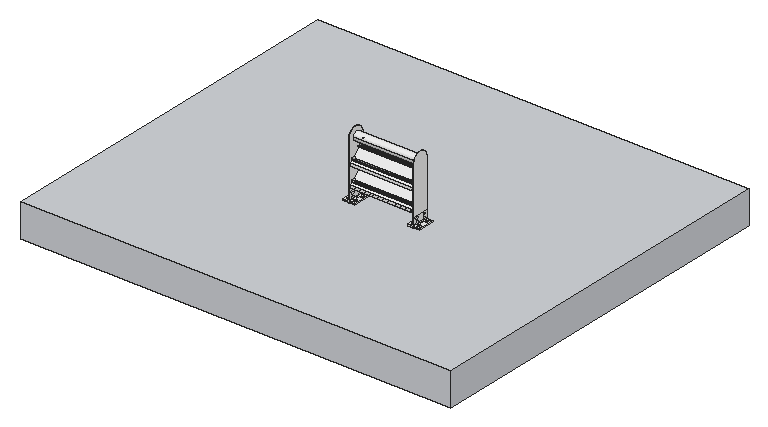
Revit family
Parameters (values of type "24" Projection")
  Warranty = "http://www.alllite-louvers.com/catalog/All-Lite-Warranty.pdf"
  URL = "http://www.alllite-louvers.com"
  Strut/Shroud = Extruded Aluminum
  Strut = no
  Specifications = "http://www.alllite-louvers.com/catalog/ssj-645-csi-specification.doc"
  SmartBIM Object Version = 3  # constant formula
  SmartBIM Object Created By = "Reed Construction Data"  # constant formula
  Shroud Angle = 45.00°  # constant formula
  Shroud = no
  Projection = 24"
  Product URL = "http://www.alllite-louvers.com/catalog.php?model=SSJ-645"
  Outrigger Spacing = 24"
  Outrigger Material = Extruded Aluminum
  Outrigger = "6” high x 0.250” thick plate with rounded front plate.\r\nrounded front."  # constant formula
  Mounting Bracket = "Exposed"  # constant formula
  Model Number = "SSJ-645"  # constant formula
  Minimum Size = "12\""
  Maximum Size - Single Section = "96\""
  Maximum Size - Multiple Section = "Unlimited"  # constant formula
  Material = "Mill finish 6063-T5 extruded aluminum."  # constant formula
  Manufacturer = "All-Lite"  # constant formula
  Fascia Material = Extruded Aluminum
  Fascia = "4” diameter x 0.081” thick round tube."  # constant formula
  Mounting Bracket Material = Extruded Aluminum
  Exposed Mounting Bracket = yes
  Default Elevation = 0"
  Cut Sheet = "http://www.alllite-louvers.com/catalog/SSJ645.pdf"
  Concealed Mounting Bracket = not(Exposed Mounting Bracket)  # no
  Blades Width = Outrigger Spacing - 1/2"  # 23 1/2"
  Blades Material = Extruded Aluminum
  Blades = "45 deg x 0.081” thick thick J-style."  # constant formula
  Assembly Code = "B2010400"
  95 CSI = "10700"  # constant formula
  04 CSI = "10 71 13"  # constant formula
  # of Louvers = Projection / 12"  # 2
Types (5): name | Projection | Outrigger Spacing | Blades Width | # of Louvers
  24" Projection | 24" | 24" | 23 1/2" | 2
  36" Projection | 36" | 36" | 35 1/2" | 3
  42" Projection | 42" | 42" | 41 1/2" | 4
  48" Projection | 48" | 48" | 47 1/2" | 4
  60" Projection | 60" | 60" | 59 1/2" | 5
Reference planes (in)
  plane 1 "Center (Front/Back)": y = 0
  plane 2: z = 0
  plane 3 "Center (Left/Right)": x = -6
  plane 4: z = 24
  plane 5: x = -18
  plane 6: x = 6
  plane 7: x = -17.75
  plane 8: x = 5.75
  plane 9: z = 19
  plane 10: z = 5
  plane 11: y = 6
Forms (in)
  Extrusion 1, solid
    sketch origin (0, 0, 0) x (1, 0, 0) y (0, 1, 0)
      loop
        line (-92, 78) -> (-92, -59) -> (67, -59) -> (67, 78) -> (-92, 78)
    from 0 to -12
  Extrusion 2, solid, material "Extruded Aluminum" <- "Outrigger Material"
    sketch origin (-6, 0, 0) x (0, 1, 0) y (0, 0, 1)
      loop
        line (6, 0) -> (6, 21)
        arc (6, 21) -> (3, 24) -> (0, 21) r 3
        line (0, 21) -> (0, 0) -> (6, 0)
    from -12 to -11.75
  Extrusion 3, solid, material "Extruded Aluminum" <- "Outrigger Material"
    sketch origin (-5, 0, 0) x (0, 1, 0) y (0, 0, -1)
      loop
        line (6, 0) -> (0, 0) -> (0, -21)
        arc (0, -21) -> (3, -24) -> (6, -21) r 3
        line (6, -21) -> (6, 0)
    from -11 to -10.75
  Extrusion 4, solid, material "Extruded Aluminum" <- "Fascia Material"
    sketch origin (-6, 0, 0) x (0, 1, 0) y (0, 0, 1)
      loop
        circle (3, 21) r 1.5
    from -11.75 to 11.75
Dimensions and locks (in)
  "Projection": plane 4 to plane 2
  equal spacing: plane 6, plane 3 "Center (Left/Right)", plane 5
  "Outrigger Spacing": plane 6 to plane 5
  locked: plane 4 to Extrusion 2 sketch curve at 3  (x2)
  locked: plane 7 to plane 5 at 0.25
  locked: plane 8 to plane 6 at 0.25
  locked: plane 4 to Extrusion 3 sketch curve at 3  (x2)
  locked: Extrusion 4 sketch curve to plane 1 "Center (Front/Back)" at 3
  locked: plane 4 to Extrusion 4 sketch curve at 3
  locked: plane 4 to plane 9 at 5
  locked: plane 2 to plane 10 at 5
  group 1 to group 2 = 0"  (x2)
  group 2 to group 1 = 7.19791"
  locked: plane 11 to plane 1 "Center (Front/Back)" at 6
  aligned and locked: Extrusion 1 to plane 2
  aligned and locked: Extrusion 1 to level
  aligned and locked: Extrusion 2 sketch curve to plane 2
  aligned and locked: plane 1 "Center (Front/Back)" to Extrusion 2 sketch curve
  aligned and locked: Extrusion 2 to plane 5
  aligned and locked: plane 7 to Extrusion 2
  aligned and locked: plane 8 to Extrusion 3
  aligned and locked: Extrusion 3 to plane 6
  aligned and locked: Extrusion 4 to plane 7
  aligned and locked: Extrusion 4 to plane 8
  aligned and locked: nested 1 to plane 1 "Center (Front/Back)"
  aligned and locked: nested 1 to plane 9
  aligned and locked: nested 2 to plane 2
  aligned and locked: plane 1 "Center (Front/Back)" to nested 2
  aligned and locked: plane 2 to nested 3
  aligned and locked: plane 3 "Center (Left/Right)" to nested 1
  aligned and locked: nested 4 to plane 10
  aligned and locked: nested 4 to plane 1 "Center (Front/Back)"
  aligned and locked: nested 2 to plane 7
  aligned and locked: plane 8 to nested 3
  aligned and locked: nested 5 to plane 2
  aligned and locked: nested 5 to plane 11
  aligned and locked: plane 5 to nested 6
  aligned and locked: plane 2 to nested 6
  aligned and locked: plane 11 to nested 6
  aligned and locked: nested 5 to plane 6
  aligned and locked: nested 8 to plane 2
  aligned and locked: nested 8 to plane 1 "Center (Front/Back)"
  aligned and locked: plane 1 "Center (Front/Back)" to nested 7
  aligned and locked: plane 2 to nested 7
  aligned and locked: plane 6 to nested 7
  aligned and locked: nested 8 to plane 5
Automatic sketch dimensions
  Extrusion 2 sketch curve to Extrusion 2 sketch curve = 3"
  Extrusion 3 sketch curve to level = 0"
  Extrusion 3 sketch curve to plane 1 "Center (Front/Back)" = 0"
  Extrusion 3 sketch curve to Extrusion 3 sketch curve = 3"
  Extrusion 1 sketch curve to Extrusion 1 sketch curve = 159"
  Extrusion 1 sketch curve to Extrusion 1 sketch curve = 137"
  radius of Extrusion 4 sketch curve = 1 1/2"
Nested families (in)
  nested 1: "Blades" at (3.36478, 4.58524, 12.19791), type "Blades"
  nested 2: "Bracket" at (-17.875, 3, 0), type "Bracket"
  nested 3: "Bracket" at (5.875, 3, 0) x (-1, 0, 0) z (0, 0, 1), type "Bracket"
  nested 4: "Blades" at (3.36478, 4.58524, 5), type "Blades"
  nested 5: "Support" at (6.62966, 6, 0), type "Support"
  nested 6: "Support" at (-18.62966, 6, 0) x (-1, 0, 0) z (0, 0, 1), type "Support"
  nested 7: "Support" at (6.62966, 0, 0), type "Support 2"
  nested 8: "Support" at (-18.62966, 0, 0) x (-1, 0, 0) z (0, 0, 1), type "Support 2"
Definition of nested family "Blades"
  Parameters (values of type "Blades")
    Width = 23 1/2"
    Depth = 6"
    Default Elevation = 48"
    Blades = Extruded Aluminum
    Assembly Code = ""
  Reference planes (in)
    plane 1 "Center (Front/Back)": y = -1.58994
    plane 2: z = 0
    plane 3 "Center (Left/Right)": x = -9.36478
    plane 4: x = -21.11478
    plane 5: x = 2.38522
    plane 6: y = -4.58524
    plane 7: y = 1.40535
    plane 8: z = 6.80209
  Forms (in)
    Extrusion 1, solid, material "Extruded Aluminum" <- "Blades"
      sketch origin (-13.25347, 11.66353, 0.28125) x (0, 1, 0) y (0, 0, 1)
        loop
          line (-10.25818, 6.52084) -> (-10.50818, 6.52084)
          arc (-10.50818, 6.52084) -> (-10.62072, 6.40829) -> (-10.50818, 6.29575) r 0.11254
          line (-10.50818, 6.29575) -> (-10.50818, 5.85818) -> (-11.51706, 4.84929) -> (-11.73582, 5.06805)
          arc (-11.73582, 5.06805) -> (-11.99451, 5.01941) -> (-11.85521, 4.79607) r 0.15941
          arc (-11.85521, 4.79607) -> (-11.82327, 4.78266) -> (-11.80782, 4.75167) r 0.04976
          arc (-11.80782, 4.75167) -> (-11.85127, 4.61975) -> (-11.97908, 4.5654) r 0.16833
          arc (-11.97908, 4.5654) -> (-12.01914, 4.58179) -> (-12.03802, 4.62074) r 0.06057
          arc (-12.03802, 4.62074) -> (-12.26412, 4.75155) -> (-12.30956, 4.49432) r 0.15941
          line (-12.30956, 4.49432) -> (-12.0908, 4.27556) -> (-14.66871, 1.69764) -> (-14.88747, 1.9164)
          arc (-14.88747, 1.9164) -> (-15.14616, 1.86776) -> (-15.00686, 1.64442) r 0.15941
          arc (-15.00686, 1.64442) -> (-14.97492, 1.63101) -> (-14.95947, 1.60002) r 0.04976
          arc (-14.95947, 1.60002) -> (-15.00292, 1.4681) -> (-15.13073, 1.41375) r 0.16833
          arc (-15.13073, 1.41375) -> (-15.17079, 1.43014) -> (-15.18967, 1.46909) r 0.06057
          arc (-15.18967, 1.46909) -> (-15.41577, 1.5999) -> (-15.46121, 1.34267) r 0.15941
          line (-15.46121, 1.34267) -> (-15.23639, 1.11785)
          arc (-15.23639, 1.11785) -> (-15.69519, 0.76818) -> (-16.24876, 0.60594) r 1.58433
          line (-16.24876, 0.60594) -> (-16.24876, -0.28125) -> (-15.98054, -0.28125)
          arc (-15.98054, -0.28125) -> (-15.85554, -0.15625) -> (-15.98054, -0.03125) r 0.125
          line (-15.98054, -0.03125) -> (-15.98054, 0.39871)
          arc (-15.98054, 0.39871) -> (-15.42906, 0.63209) -> (-14.98214, 1.03067) r 1.83433
          line (-14.98214, 1.03067) -> (-11.38885, 4.62395) -> (-10.25818, 5.75462) -> (-10.25818, 6.52084)
      from -7.8613 to 15.6387
  Dimensions and locks (in)
    equal spacing: plane 4, plane 3 "Center (Left/Right)", plane 5
    "Width": plane 4 to plane 5
    aligned and locked: Extrusion 1 to plane 5
    aligned and locked: Extrusion 1 to plane 4
  Automatic sketch dimensions
    Extrusion 1 sketch curve to Extrusion 1 sketch curve = 0"  (x10)
    Extrusion 1 sketch curve to level = 0"
    Extrusion 1 sketch curve to plane 6 = 0"
    Extrusion 1 sketch curve to plane 8 = 0"
    Extrusion 1 sketch curve to plane 7 = 0"
    Extrusion 1 sketch curve to plane 6 = 0.16136"
    plane 6 to Extrusion 1 sketch curve = 0.26822"
    plane 6 to Extrusion 1 sketch curve = 0.78756"
    Extrusion 1 sketch curve to Extrusion 1 sketch curve = 0.11272"  (x4)
    Extrusion 1 sketch curve to Extrusion 1 sketch curve = 0.22481"  (x2)
    Extrusion 1 sketch curve to Extrusion 1 sketch curve = 0.15882"  (x2)
    Extrusion 1 sketch curve to Extrusion 1 sketch curve = 0.05894"  (x2)
    Extrusion 1 sketch curve to Extrusion 1 sketch curve = 0.0014"  (x2)
    Extrusion 1 sketch curve to Extrusion 1 sketch curve = 0.00249"  (x2)
    Extrusion 1 sketch curve to Extrusion 1 sketch curve = 0.11789"  (x2)
    Extrusion 1 sketch curve to Extrusion 1 sketch curve = 0.00208"  (x2)
    Extrusion 1 sketch curve to Extrusion 1 sketch curve = 0.00667"  (x2)
    Extrusion 1 sketch curve to Extrusion 1 sketch curve = 0.25426"
    Extrusion 1 sketch curve to Extrusion 1 sketch curve = 0.04947"  (x2)
    Extrusion 1 sketch curve to Extrusion 1 sketch curve = 0.29076"  (x2)
    Extrusion 1 sketch curve to plane 1 "Center (Front/Back)" = 0.94391"
    Extrusion 1 sketch curve to Extrusion 1 sketch curve = 7/32"
    Extrusion 1 sketch curve to Extrusion 1 sketch curve = 0.12821"
    plane 7 to Extrusion 1 sketch curve = 1/4"
    Extrusion 1 sketch curve to Extrusion 1 sketch curve = 1/8"
    Extrusion 1 sketch curve to Extrusion 1 sketch curve = 0.42996"
    Extrusion 1 sketch curve to Extrusion 1 sketch curve = 0.20723"
    Extrusion 1 sketch curve to Extrusion 1 sketch curve = 0.63196"
    Extrusion 1 sketch curve to Extrusion 1 sketch curve = 0.29589"
    Extrusion 1 sketch curve to Extrusion 1 sketch curve = 0.09763"
    Extrusion 1 sketch curve to Extrusion 1 sketch curve = 0.28984"
    Extrusion 1 sketch curve to Extrusion 1 sketch curve = 0.12771"
    Extrusion 1 sketch curve to Extrusion 1 sketch curve = 0.22534"
    Extrusion 1 sketch curve to Extrusion 1 sketch curve = 0.10355"
    plane 8 to Extrusion 1 sketch curve = 0.22508"
Definition of nested family "Bracket"
  Parameters
    Mounting Bracket = Extruded Aluminum
    Exposed Mounting Bracket = yes
    Concealed Mounting Bracket = yes
  Reference planes (in)
    plane 1 "Center (Front/Back)": y = 0
    plane 2: z = 0
    plane 3 "Center (Left/Right)": x = 0
    plane 4: x = 0.125
    plane 5: x = -0.125
  Forms (in)
    Extrusion 1, solid, material "Extruded Aluminum" <- "Mounting Bracket", visible <- "Exposed Mounting Bracket"
      sketch origin (0, -3, 0) x (1, 0, 0) y (0, 0, -1)
        loop
          line (0.125, -3.5) -> (0.125, -1)
          arc (0.125, -1) -> (0.27145, -0.64645) -> (0.625, -0.5) r 0.5
          line (0.625, -0.5) -> (2.25, -0.5) -> (2.25, 0) -> (-2.25, 0) -> (-2.25, -0.5) -> (-0.625, -0.5)
          arc (-0.625, -0.5) -> (-0.27145, -0.64645) -> (-0.125, -1) r 0.5
          line (-0.125, -1) -> (-0.125, -3.5) -> (0.125, -3.5)
      from 0 to 6
    Extrusion 2, solid, material "Extruded Aluminum" <- "Mounting Bracket", visible <- "Exposed Mounting Bracket"
      sketch origin (0, -3.34375, 0) x (0, 0, -1) y (0, 1, 0)
        loop
          line (-3.01381, 1.1732) -> (-2.54571, 1.1732) -> (-2.31166, 1.57859) -> (-2.54571, 1.98398) -> (-3.01381, 1.98398) -> (-3.24786, 1.57859) -> (-3.01381, 1.1732)
        loop
          line (-1.59929, 1.1732) -> (-1.13119, 1.1732) -> (-0.89714, 1.57859) -> (-1.13119, 1.98398) -> (-1.59929, 1.98398) -> (-1.83334, 1.57859) -> (-1.59929, 1.1732)
        loop
          line (-3.01381, 4.50546) -> (-2.54571, 4.50546) -> (-2.31166, 4.91085) -> (-2.54571, 5.31624) -> (-3.01381, 5.31624) -> (-3.24786, 4.91085) -> (-3.01381, 4.50546)
        loop
          line (-1.59929, 4.50546) -> (-1.13119, 4.50546) -> (-0.89714, 4.91085) -> (-1.13119, 5.31624) -> (-1.59929, 5.31624) -> (-1.83334, 4.91085) -> (-1.59929, 4.50546)
      from 0.125 to 0.25
    Extrusion 3, solid, material "Extruded Aluminum" <- "Mounting Bracket", visible <- "Exposed Mounting Bracket"
      sketch origin (0, -3.34375, 0) x (0, 0, -1) y (0, -1, 0)
        loop
          line (-3.01381, -1.1732) -> (-3.24786, -1.57859) -> (-3.01381, -1.98398) -> (-2.54571, -1.98398) -> (-2.31166, -1.57859) -> (-2.54571, -1.1732) -> (-3.01381, -1.1732)
        loop
          line (-1.59929, -1.1732) -> (-1.83334, -1.57859) -> (-1.59929, -1.98398) -> (-1.13119, -1.98398) -> (-0.89714, -1.57859) -> (-1.13119, -1.1732) -> (-1.59929, -1.1732)
        loop
          line (-3.01381, -4.50546) -> (-3.24786, -4.91085) -> (-3.01381, -5.31624) -> (-2.54571, -5.31624) -> (-2.31166, -4.91085) -> (-2.54571, -4.50546) -> (-3.01381, -4.50546)
        loop
          line (-1.59929, -4.50546) -> (-1.83334, -4.91085) -> (-1.59929, -5.31624) -> (-1.13119, -5.31624) -> (-0.89714, -4.91085) -> (-1.13119, -4.50546) -> (-1.59929, -4.50546)
      from 0.125 to 0.25
    Extrusion 4, solid, material "Extruded Aluminum" <- "Mounting Bracket", visible <- "Exposed Mounting Bracket"
      sketch origin (-4.22137, -3.34375, 0.875) x (-1, 0, 0) y (0, -1, 0)
        loop
          line (-3.20131, -1.2575) -> (-3.43536, -1.66289) -> (-3.20131, -2.06828) -> (-2.73321, -2.06828) -> (-2.49916, -1.66289) -> (-2.73321, -1.2575) -> (-3.20131, -1.2575)
        loop
          line (-3.20131, -4.56267) -> (-3.43536, -4.96806) -> (-3.20131, -5.37344) -> (-2.73321, -5.37344) -> (-2.49916, -4.96806) -> (-2.73321, -4.56267) -> (-3.20131, -4.56267)
      from -0.375 to -0.32394
    Extrusion 5, solid, material "Extruded Aluminum" <- "Mounting Bracket", visible <- "Exposed Mounting Bracket"
      sketch origin (4.22137, -3.34375, 0.875) x (1, 0, 0) y (0, 1, 0)
        loop
          line (-3.20131, 1.2575) -> (-2.73321, 1.2575) -> (-2.49916, 1.66289) -> (-2.73321, 2.06828) -> (-3.20131, 2.06828) -> (-3.43536, 1.66289) -> (-3.20131, 1.2575)
        loop
          line (-3.20131, 4.57817) -> (-2.73321, 4.57817) -> (-2.49916, 4.98355) -> (-2.73321, 5.38894) -> (-3.20131, 5.38894) -> (-3.43536, 4.98355) -> (-3.20131, 4.57817)
      from -0.375 to -0.32394
    Extrusion 6, solid, material "Extruded Aluminum" <- "Mounting Bracket", visible <- "Concealed Mounting Bracket"
      sketch origin (0, 0, 0) x (0, 1, 0) y (0, 0, 1)
        loop
          line (3, 3.5) -> (-3, 3.5) -> (-3, 0) -> (3, 0) -> (3, 3.5)
      from -0.125 to 0.125
    Extrusion 7, solid, material "Extruded Aluminum" <- "Mounting Bracket", visible <- "Concealed Mounting Bracket"
      sketch origin (-0.25, -3.34375, 0) x (0, 0, -1) y (0, -1, 0)
        loop
          line (-3.24786, -4.91085) -> (-3.01381, -5.31624) -> (-2.54571, -5.31624) -> (-2.31166, -4.91085) -> (-2.54571, -4.50546) -> (-3.01381, -4.50546) -> (-3.24786, -4.91085)
        loop
          line (-3.24786, -1.57859) -> (-3.01381, -1.98398) -> (-2.54571, -1.98398) -> (-2.31166, -1.57859) -> (-2.54571, -1.1732) -> (-3.01381, -1.1732) -> (-3.24786, -1.57859)
        loop
          line (-1.83334, -1.57859) -> (-1.59929, -1.98398) -> (-1.13119, -1.98398) -> (-0.89714, -1.57859) -> (-1.13119, -1.1732) -> (-1.59929, -1.1732) -> (-1.83334, -1.57859)
        loop
          line (-1.59929, -4.50546) -> (-1.83334, -4.91085) -> (-1.59929, -5.31624) -> (-1.13119, -5.31624) -> (-0.89714, -4.91085) -> (-1.13119, -4.50546) -> (-1.59929, -4.50546)
      from -0.375 to -0.5
    Extrusion 8, solid, material "Extruded Aluminum" <- "Mounting Bracket", visible <- "Concealed Mounting Bracket"
      sketch origin (0.25, -3.34375, 0) x (0, 0, -1) y (0, 1, 0)
        loop
          line (-3.24786, 4.91085) -> (-3.01381, 4.50546) -> (-2.54571, 4.50546) -> (-2.31166, 4.91085) -> (-2.54571, 5.31624) -> (-3.01381, 5.31624) -> (-3.24786, 4.91085)
        loop
          line (-3.24786, 1.57859) -> (-3.01381, 1.1732) -> (-2.54571, 1.1732) -> (-2.31166, 1.57859) -> (-2.54571, 1.98398) -> (-3.01381, 1.98398) -> (-3.24786, 1.57859)
        loop
          line (-1.83334, 1.57859) -> (-1.59929, 1.1732) -> (-1.13119, 1.1732) -> (-0.89714, 1.57859) -> (-1.13119, 1.98398) -> (-1.59929, 1.98398) -> (-1.83334, 1.57859)
        loop
          line (-1.59929, 4.50546) -> (-1.13119, 4.50546) -> (-0.89714, 4.91085) -> (-1.13119, 5.31624) -> (-1.59929, 5.31624) -> (-1.83334, 4.91085) -> (-1.59929, 4.50546)
      from -0.375 to -0.5
  Dimensions and locks (in)
    plane 3 "Center (Left/Right)" to plane 4 = 1/8"
    aligned and locked: Extrusion 2 to Extrusion 1
    aligned and locked: Extrusion 3 to Extrusion 1
    aligned and locked: Extrusion 4 to Extrusion 1
    aligned and locked: Extrusion 5 to Extrusion 1
    aligned and locked: Extrusion 1 to plane 5
    aligned and locked: Extrusion 1 to plane 4
    aligned and locked: Extrusion 6 to plane 5
    aligned and locked: Extrusion 6 to plane 4
    aligned and locked: Extrusion 1 to Extrusion 6  (x2)
    aligned and locked: Extrusion 1 to Extrusion 7
    aligned and locked: Extrusion 8 to Extrusion 1
    aligned and locked: level to Extrusion 6 sketch curve
Definition of nested family "Support"
  Parameters (values of type "Support")
    Strut/Shroud = Extruded Aluminum
    Strut-Shroud = yes
    Height = 60"
    Assembly Code = ""
    A = 45.00°
  Types (2): name | Strut-Shroud
    Support | yes
    Support 2 | no
  Reference planes (in)
    plane 1 "Center (Front/Back)": y = 0
    plane 2: z = 0
    plane 3 "Center (Left/Right)": x = 0
    plane 4: z = 60
    plane 5: x = -0.56716
    plane 6: y = -36
  Forms (in)
    Extrusion 1, solid, material "Extruded Aluminum" <- "Strut/Shroud", visible <- "Strut-Shroud"
      sketch origin (0, 0, 60) x (0, -0.707107, -0.707107) y (0, 0.707107, -0.707107)
        loop
          line (83.28504, 1.39128) -> (84.74358, -0.06725) -> (84.88277, -0.02996) -> (83.37329, 1.47953) -> (83.28504, 1.39128)
      from -2.00813 to 0.99187
    Extrusion 2, solid, material "Extruded Aluminum" <- "Strut/Shroud", visible <- "Strut-Shroud"
      sketch origin (0, -12.00474, 60) x (0, -0.707107, -0.707107) y (0, 0.707107, -0.707107)
        loop
          line (74.79976, 9.87656) -> (73.87957, 8.95637) -> (73.87957, 8.08532) -> (74.32111, 7.71752) -> (76.25495, 8.42138) -> (74.79976, 9.87656)
      from -0.69467 to -0.41809
    Revolve 3, solid, material "Extruded Aluminum" <- "Strut/Shroud", visible <- "Strut-Shroud"
      sketch origin (-0.57205, 0, 36) x (0, -0.707107, -0.707107) y (0, 0.707107, -0.707107)
        loop
          line (65.39764, -17.63904) -> (65.32244, -16.97056) -> (-12.08478, -16.97056) -> (-12.08478, -17.59485) -> (-10.83725, -17.59485) -> (-10.79784, -17.55544) -> (-10.64402, -17.55544) -> (-10.64402, -17.40161) -> (-8.99042, -17.40161) -> (-8.99042, -17.5787) -> (61.62455, -17.5787) -> (61.62455, -17.44581) -> (63.27815, -17.44581) -> (63.27815, -17.59963) -> (63.43197, -17.59963) -> (63.47138, -17.63904) -> (65.39764, -17.63904)
        axis (-12.08478, -16.97056) -> (65.39764, -16.97056)
      angle from 0 to 360
    Extrusion 4, solid, material "Extruded Aluminum" <- "Strut/Shroud", visible <- "Strut-Shroud"
      sketch origin (0, 0, 60) x (0, -0.707107, -0.707107) y (0, 0.707107, -0.707107)
        loop
          line (82.3682, 0.40331) -> (82.3682, -0.40331) -> (82.88611, -0.40331)
          arc (82.88611, -0.40331) -> (83.28942, 0) -> (82.88611, 0.40331) r 0.40331
          line (82.88611, 0.40331) -> (82.3682, 0.40331)
        loop
          circle (82.76682, 0) r 0.25
      from -0.41809 to -0.28683
    Extrusion 5, solid, material "Extruded Aluminum" <- "Strut/Shroud", visible <- "Strut-Shroud"
      sketch origin (0, 0, 60) x (0, -0.707107, -0.707107) y (0, 0.707107, -0.707107)
        loop
          line (82.3682, 0.40331) -> (82.3682, -0.40331) -> (82.88611, -0.40331)
          arc (82.88611, -0.40331) -> (83.28942, 0) -> (82.88611, 0.40331) r 0.40331
          line (82.88611, 0.40331) -> (82.3682, 0.40331)
        loop
          circle (82.76682, 0) r 0.25
      from -0.81655 to -0.69467
    Extrusion 6, solid, material "Extruded Aluminum" <- "Strut/Shroud", visible <- "Strut-Shroud"
      sketch origin (0, -1.4375, 58.5625) x (0, -0.707107, -0.707107) y (0, 0.707107, -0.707107)
        loop
          line (2.83491, 0.60421) -> (2.02558, 0.60421)
          arc (2.02558, 0.60421) -> (1.42513, 0.00376) -> (2.02558, -0.59669) r 0.60045
          line (2.02558, -0.59669) -> (2.83491, -0.59669) -> (2.83491, 0.60421)
        loop
          circle (2.18595, 0) r 0.24295
      from -0.3521 to -0.21374
    Extrusion 7, solid, material "Extruded Aluminum" <- "Strut/Shroud", visible <- "Strut-Shroud"
      sketch origin (0, -1.4375, 58.5625) x (0, -0.707107, -0.707107) y (0, 0.707107, -0.707107)
        loop
          line (3.07, 0.58391) -> (-2.41568, 6.0696) -> (-4.0494, 4.43588) -> (1.43629, -1.04981)
          arc (1.43629, -1.04981) -> (3.07, -1.04981) -> (3.07, 0.58391) r 1.15521
        loop
          circle (2.18595, 0) r 0.24295
        loop
          circle (0.63998, 1.54596) r 0.24295
        loop
          circle (-1.24849, 3.43443) r 0.24295
      from -0.62966 to -0.3521
    Extrusion 8, solid, material "Extruded Aluminum" <- "Strut/Shroud", visible <- "Strut-Shroud"
      sketch origin (-0.98205, -1.4375, 22.5625) x (0, -0.707107, -0.707107) y (0, -0.707107, 0.707107)
        loop
          line (-22.62093, 24.84672) -> (-22.62093, 26.05253) -> (-23.43026, 26.05253)
          arc (-23.43026, 26.05253) -> (-24.03317, 25.44963) -> (-23.43026, 24.84672) r 0.6029
          line (-23.43026, 24.84672) -> (-22.62093, 24.84672)
        loop
          circle (-23.2699, 25.45584) r 0.24295
      from -0.35239 to -0.21374
    Extrusion 9, solid, material "Extruded Aluminum" <- "Strut/Shroud", visible <- "Strut-Shroud"
      sketch origin (0, -1.4375, -1.4375) x (0, 1, 0) y (0, 0, 1)
        loop
          line (-1.71778, 58.73083) -> (-1.88198, 58.44643) -> (-1.71778, 58.16202) -> (-1.38937, 58.16202) -> (-1.22517, 58.44643) -> (-1.38937, 58.73083) -> (-1.71778, 58.73083)
      from -0.21374 to -0.15124
    Extrusion 10, solid, material "Extruded Aluminum" <- "Strut/Shroud", visible <- "Strut-Shroud"
      sketch origin (0, -1.4375, -1.4375) x (0, 1, 0) y (0, 0, 1)
        loop
          line (3.48831, 58.73083) -> (3.15991, 58.73083) -> (2.99571, 58.44643) -> (3.15991, 58.16202) -> (3.48831, 58.16202) -> (3.65252, 58.44643) -> (3.48831, 58.73083)
        loop
          line (0.7892, 58.73083) -> (0.4608, 58.73083) -> (0.2966, 58.44643) -> (0.4608, 58.16202) -> (0.7892, 58.16202) -> (0.9534, 58.44643) -> (0.7892, 58.73083)
      from -0.3521 to -0.2896
    Extrusion 11, solid, material "Extruded Aluminum" <- "Strut/Shroud", visible <- "Strut-Shroud"
      sketch origin (-1.13431, -1.4375, -1.4375) x (0, 1, 0) y (0, 0, -1)
        loop
          line (-1.71778, -58.73083) -> (-1.38937, -58.73083) -> (-1.22517, -58.44643) -> (-1.38937, -58.16202) -> (-1.71778, -58.16202) -> (-1.88198, -58.44643) -> (-1.71778, -58.73083)
      from -0.36601 to -0.30351
    Extrusion 12, solid, material "Extruded Aluminum" <- "Strut/Shroud", visible <- "Strut-Shroud"
      sketch origin (-1.13431, -1.4375, -1.4375) x (0, 1, 0) y (0, 0, -1)
        loop
          line (3.45706, -58.73083) -> (3.62127, -58.44643) -> (3.45706, -58.16202) -> (3.12866, -58.16202) -> (2.96446, -58.44643) -> (3.12866, -58.73083) -> (3.45706, -58.73083)
        loop
          line (0.7892, -58.73083) -> (0.9534, -58.44643) -> (0.7892, -58.16202) -> (0.4608, -58.16202) -> (0.2966, -58.44643) -> (0.4608, -58.73083) -> (0.7892, -58.73083)
      from -0.50466 to -0.44216
  Cuts and joins
    joined: Extrusion 2, Extrusion 4, Extrusion 5
    joined: Extrusion 6, Extrusion 7, Extrusion 8
  Lines and regions (in)
    reference lines
      curve 1: line (0, 0, 60) -> (0, -60, 0)
  Dimensions and locks (in)
    "Height": level to plane 4
    "A": angle plane 1 "Center (Front/Back)" to curve 1
    aligned and locked: plane 4 to curve 1
    aligned and locked: plane 1 "Center (Front/Back)" to curve 1
    aligned and locked: level to curve 1
    aligned and locked: Extrusion 9 to cut or joined group of Extrusion 6, Extrusion 7, Extrusion 8
    aligned and locked: cut or joined group of Extrusion 6, Extrusion 7, Extrusion 8 to Extrusion 10
    aligned and locked: Extrusion 12 to cut or joined group of Extrusion 6, Extrusion 7, Extrusion 8
    aligned and locked: Extrusion 11 to cut or joined group of Extrusion 6, Extrusion 7, Extrusion 8
  Automatic sketch dimensions
    Extrusion 1 sketch curve to curve 1 = 1.56777"
    Extrusion 1 sketch curve to Extrusion 1 sketch curve = 0.08824"
    Extrusion 1 sketch curve to curve 1 = 0.10923"
    curve 1 to Extrusion 1 sketch curve = 0.02996"  (x2)
    curve 1 to Extrusion 1 sketch curve = 0.06725"
    Extrusion 2 sketch curve to curve 1 = 0.46774"
    Extrusion 2 sketch curve to curve 1 = 2.48462"
    curve 1 to Extrusion 2 sketch curve = 0.77111"
    Extrusion 2 sketch curve to Extrusion 2 sketch curve = 0.44155"
    Extrusion 2 sketch curve to Extrusion 2 sketch curve = 0.9202"
    Extrusion 2 sketch curve to curve 1 = 0.10923"
    curve 1 to Extrusion 2 sketch curve = 0.40331"
    curve 1 to Extrusion 2 sketch curve = 0.06725"
    Revolve 3 sketch curve to plane 1 "Center (Front/Back)" = 0"
    Revolve 3 sketch curve to plane 4 = 0"
    Revolve 3 sketch curve to level = 0"
    Revolve 3 sketch curve to Revolve 3 sketch curve = 4.88578"
    Revolve 3 sketch curve to Revolve 3 sketch curve = 1.24753"
    Revolve 3 sketch curve to Revolve 3 sketch curve = 0.03941"  (x2)
    Revolve 3 sketch curve to Revolve 3 sketch curve = 0.15382"  (x4)
    Revolve 3 sketch curve to Revolve 3 sketch curve = 1.6536"  (x2)
    Revolve 3 sketch curve to Revolve 3 sketch curve = 6.2577"
    Revolve 3 sketch curve to Revolve 3 sketch curve = 1.85106"
    Revolve 3 sketch curve to Revolve 3 sketch curve = 0.07519"
    Revolve 3 sketch curve to Revolve 3 sketch curve = 0"
    Revolve 3 sketch curve to Revolve 3 sketch curve = 0.43105"
    Revolve 3 sketch curve to Revolve 3 sketch curve = 0.47524"
    Revolve 3 sketch curve to Revolve 3 sketch curve = 0.13289"
    Revolve 3 sketch curve to Revolve 3 sketch curve = 0.62429"
    Revolve 3 sketch curve to Revolve 3 sketch curve = 0.66848"
    Extrusion 4 sketch curve to Extrusion 4 sketch curve = 0"  (x2)
    Extrusion 4 sketch curve to curve 1 = 0"  (x2)
    Extrusion 4 sketch curve to curve 1 = 0.40331"
    Extrusion 4 sketch curve to curve 1 = 2.48462"
    Extrusion 4 sketch curve to Extrusion 4 sketch curve = 0.14862"
    Extrusion 4 sketch curve to Extrusion 4 sketch curve = 1/4"
    Extrusion 4 sketch curve to Extrusion 4 sketch curve = 0.11929"
    Extrusion 5 sketch curve to curve 1 = 0"  (x2)
    curve 1 to Extrusion 5 sketch curve = 0.40331"
    Extrusion 5 sketch curve to curve 1 = 2.48462"
    Extrusion 5 sketch curve to Extrusion 5 sketch curve = 0.39862"
    Extrusion 5 sketch curve to Extrusion 5 sketch curve = 0.11929"
    plane 1 "Center (Front/Back)" to Extrusion 9 sketch curve = 3.31948"
    Extrusion 9 sketch curve to Extrusion 9 sketch curve = 0.1642"  (x3)
    Extrusion 9 sketch curve to Extrusion 9 sketch curve = 0.3284"  (x2)
    plane 4 to Extrusion 9 sketch curve = 3.27548"
    Extrusion 9 sketch curve to Extrusion 9 sketch curve = 0.28441"  (x3)
    plane 1 "Center (Front/Back)" to Extrusion 10 sketch curve = 1.1409"
    plane 1 "Center (Front/Back)" to Extrusion 10 sketch curve = 0.9767"  (x2)
    plane 1 "Center (Front/Back)" to Extrusion 10 sketch curve = 0.6483"  (x2)
    Extrusion 10 sketch curve to Extrusion 10 sketch curve = 0.1642"  (x4)
    Extrusion 10 sketch curve to Extrusion 10 sketch curve = 2.04231"
    Extrusion 10 sketch curve to Extrusion 10 sketch curve = 0.3284"  (x2)
    plane 4 to Extrusion 10 sketch curve = 3.27548"
    Extrusion 10 sketch curve to Extrusion 10 sketch curve = 0"
    Extrusion 10 sketch curve to Extrusion 10 sketch curve = 0.28441"  (x6)
    plane 1 "Center (Front/Back)" to Extrusion 11 sketch curve = 3.31948"
    Extrusion 11 sketch curve to Extrusion 11 sketch curve = 0.1642"  (x3)
    Extrusion 11 sketch curve to Extrusion 11 sketch curve = 0.3284"  (x2)
    plane 4 to Extrusion 11 sketch curve = 2.70667"
    Extrusion 11 sketch curve to Extrusion 11 sketch curve = 0.28441"  (x3)
    plane 1 "Center (Front/Back)" to Extrusion 12 sketch curve = 1.1409"
    plane 1 "Center (Front/Back)" to Extrusion 12 sketch curve = 0.9767"  (x2)
    plane 1 "Center (Front/Back)" to Extrusion 12 sketch curve = 0.6483"  (x2)
    Extrusion 12 sketch curve to Extrusion 12 sketch curve = 0.1642"  (x4)
    Extrusion 12 sketch curve to Extrusion 12 sketch curve = 2.01106"
    Extrusion 12 sketch curve to Extrusion 12 sketch curve = 0.3284"  (x2)
    plane 4 to Extrusion 12 sketch curve = 2.70667"  (x2)
    Extrusion 12 sketch curve to Extrusion 12 sketch curve = 0.28441"  (x6)
    curve 1 to Extrusion 7 sketch curve = 0.78445"
    Extrusion 7 sketch curve to curve 1 = 0"
    curve 1 to Extrusion 7 sketch curve = 3.43443"
    curve 1 to Extrusion 7 sketch curve = 0.5415"
    Extrusion 7 sketch curve to curve 1 = 0.38275"
    Extrusion 7 sketch curve to Extrusion 7 sketch curve = 1.63372"
    curve 1 to Extrusion 7 sketch curve = 2.42996"
    Extrusion 7 sketch curve to Extrusion 7 sketch curve = 0.24295"  (x2)
    curve 1 to Extrusion 7 sketch curve = 3.46922"
    Extrusion 7 sketch curve to Extrusion 7 sketch curve = 0.50671"
    Extrusion 7 sketch curve to Extrusion 7 sketch curve = 0.0672"
    Extrusion 7 sketch curve to curve 1 = 0.58391"
    Extrusion 7 sketch curve to Extrusion 7 sketch curve = 0.64111"
    curve 1 to Extrusion 7 sketch curve = 0.23295"
    Extrusion 7 sketch curve to curve 1 = 1.54596"
    plane 1 "Center (Front/Back)" to Extrusion 8 sketch curve = 2.81141"
    plane 4 to Extrusion 8 sketch curve = 2.81141"
    Extrusion 8 sketch curve to Extrusion 8 sketch curve = 0.08259"
    Extrusion 8 sketch curve to Extrusion 8 sketch curve = 0.16036"
    Extrusion 8 sketch curve to Extrusion 8 sketch curve = 0.40601"
    Extrusion 8 sketch curve to Extrusion 8 sketch curve = 0.00622"
    Extrusion 8 sketch curve to Extrusion 8 sketch curve = 0.60912"
    Extrusion 6 sketch curve to curve 1 = 0"
    curve 1 to Extrusion 6 sketch curve = 3.97593"
    Extrusion 6 sketch curve to Extrusion 6 sketch curve = 0.08259"
    Extrusion 6 sketch curve to curve 1 = 0.00376"
    Extrusion 6 sketch curve to Extrusion 6 sketch curve = 0.16036"
    Extrusion 6 sketch curve to Extrusion 6 sketch curve = 0.40601"
    curve 1 to Extrusion 6 sketch curve = 0.59669"
    radius of Extrusion 5 sketch curve = 1/4"
